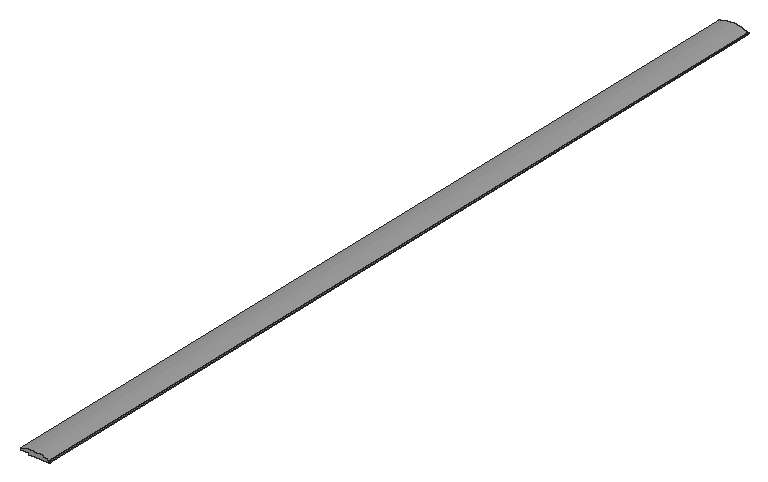
Revit family "111210017132734", category Modelos genéricos, Revit 2018
Family settings
  Puede alojar armadura = No
  Cota de conector redondo = Diámetro de uso
  Tipo de pieza = Normal
  Se basa en plano de trabajo = No
  Siempre vertical = No
  Corte con vacíos al cargar = No
  Compartido = No
  Punto de cálculo de habitación = No
Parameters (values of type "CUBREJUNTA TERMINAL PVC 40MM GRIS ROLLO 50MT")
  Ventajas = "Autoextinguible"
  Uso = "Se utiliza para unir distintas superficies con diferencias de niveles, siendo un\r\nproducto que permite compensar estas diferencias al unir alfombras, piso laminado,\r\nCerámica, entre otros."
  Unidad = "Perfil Superior (Rollos de 50 Mts)"
  URL = "https://www.empresascnp.cl/"
  Num SKUs = "111210017132734"
  Nombre SKU = "CUBREJUNTA TERMINAL PVC 40MM GRIS ROLLO 50MT"
  Modelo = "CUBREJUNTA TERMINAL PVC 40MM"
  Material = PVC flexible gris
  Url Ficha tecnica = "https://empresascnp.cl/wp-content/uploads//pdf/ficha-tecnica-perfil-cubrejunta-doble-superior-macho-pvc-40mm-cafe-rollo-60mt.pdf"
  Largo = 1200.00 mm
  Espesor = 3.00 mm
  Empresa = "CNP SPA."
  Dureza = "Shore A 80"
  Dimension = 40.00 mm
  Descripción = "Cubrejunta Terminal  40 MM."
  Contacto = "info@empresascnp.cl"
  Color = "GRIS"
  Aplicacion = "ENTRE JUNTAS"
  Alto = 5.00 mm
Reference planes
  plane 1 "Center F/B": y = 0
  plane 2: z = 0
  plane 3 "Center L/R": x = -4
  plane 4: z = -5
  plane 5 "2": y = 600
  plane 6 "3": y = -600
  plane 7: x = 36
  plane 8 "4": x = 16
Forms (mm)
  Extrusion 1, solid, material "PVC flexible gris" <- "Material"
    sketch origin (0, 0, 0) x (1, 0, 0) y (0, 0, 1)
      loop
        arc (35.572, 0.276) -> (16.225, 4.878) -> (-3.46, 2.052) r 53.185
        arc (-3.46, 2.052) -> (-3.851, 1.76) -> (-4, 1.295) r 0.8
        line (-4, 1.295) -> (-4, 0.5)
        arc (-4, 0.5) -> (-3.854, 0.146) -> (-3.5, 0) r 0.5
        line (-3.5, 0) -> (7.501, 0)
        arc (7.501, 0) -> (7.854, -0.146) -> (8, -0.499) r 0.499
        line (8, -0.499) -> (8, -1.768)
        arc (8, -1.768) -> (8.186, -2.216) -> (8.635, -2.402) r 0.635
        line (8.635, -2.402) -> (35.415, -2.402)
        arc (35.415, -2.402) -> (35.829, -2.231) -> (36, -1.817) r 0.585
        line (36, -1.817) -> (36, -0.385)
        arc (36, -0.385) -> (35.884, 0.008) -> (35.572, 0.276) r 0.725
    from -600 to 600
Dimensions and locks
  "Alto": level to plane 4
  equal spacing: plane 6 "3", plane 1 "Center F/B", plane 5 "2"
  "Largo": plane 6 "3" to plane 5 "2"
  "Dimension": plane 7 to plane 3 "Center L/R"
  equal spacing: plane 7, plane 8 "4", plane 3 "Center L/R"
  aligned and locked: plane 6 "3" to Extrusion 1
  aligned and locked: Extrusion 1 to plane 5 "2"
Automatic sketch dimensions
  Extrusion 1 sketch curve to plane 3 "Center L/R" = 0.00 mm
  Extrusion 1 sketch curve to level = 0.00 mm
  Extrusion 1 sketch curve to plane 7 = 0.00 mm
  Extrusion 1 sketch curve to Extrusion 1 sketch curve = 0.50 mm
  Extrusion 1 sketch curve to Extrusion 1 sketch curve = 0.80 mm
  Extrusion 1 sketch curve to plane 8 "4" = 8.499 mm
  Extrusion 1 sketch curve to Extrusion 1 sketch curve = 0.499 mm
  Extrusion 1 sketch curve to Extrusion 1 sketch curve = 0.635 mm
  Extrusion 1 sketch curve to plane 8 "4" = 2.193 mm
  Extrusion 1 sketch curve to Extrusion 1 sketch curve = 0.725 mm
  Extrusion 1 sketch curve to plane 7 = 0.585 mm
  Extrusion 1 sketch curve to Extrusion 1 sketch curve = 1.269 mm
  plane 4 to Extrusion 1 sketch curve = 43.252 mm
  Extrusion 1 sketch curve to level = 0.385 mm
  Extrusion 1 sketch curve to Extrusion 1 sketch curve = 0.795 mm
  Extrusion 1 sketch curve to Extrusion 1 sketch curve = 0.00 mm
